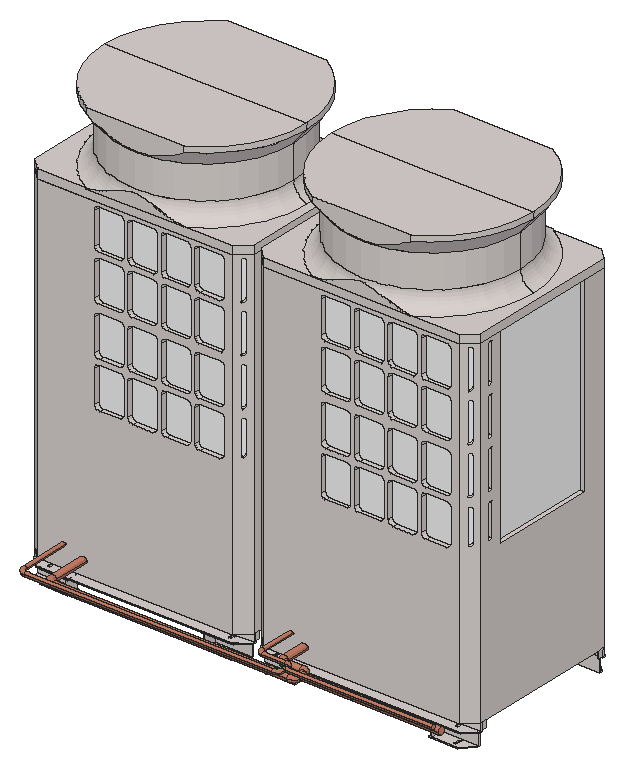
Revit family "PUHY-P550YSNW-A1", category Mechanical Equipment, Revit 2016
Family settings
  Part Type = Normal
  Round Connector Dimension = Use Radius
  OmniClass Number = 23.75.00.00
  OmniClass Title = Climate Control (HVAC)
  Work Plane-Based = No
  Always vertical = Yes
  Cut with Voids When Loaded = No
  Shared = No
  Room Calculation Point = No
Parameters (values of type "PUHY-P550YSNW-A1_400V_50Hz")
  Model = "PUHY-P550YSNW-A1"
  Width = 1870 mm
  WarrantyStart = ""
  Voltage = 400 V
  Unit Weight (kg) = 439
  URL = "http://www.mitsubishielectric.com/"
  Temp. range of heating (Outdoor temp.) (W.B.) = "-20.0 to 15.5"
  Temp. range of heating (Indoor temp.) (D.B.) = "15.0 to 27.0"
  Temp. range of cooling (Outdoor temp.) (D.B.) = "-5.0 to 52.0"
  Temp. range of cooling (Indoor temp.) (W.B.) = "15.0 to 24.0"
  TagNumber = 0
  Subcategory = "HVAC"
  Space View = yes
  Sound Pressure Level (dB(A)) Heating mode = 66
  Sound Pressure Level (dB(A)) Cooling mode = 63.5
  SerialNumber = 0
  ReplacementYear = ""
  Refrigerant type = "R410A"
  Refrigerant Charge (kg) = 13
  Protection Devices_Inverter circuit (COMP./FAN) = "Over-current protection"
  Protection Devices_High pressure (MPa) = "High pressure sensor, High pressure switch at 4.15"
  Phase = 3
  Manufacturer = "Mitsubishi Electric Corporation"
  Outdoor unit 2 Breaker size (A) = 30
  Outdoor unit 2 = PUHY-P250YNW-A1 : PUHY-P250YNW-A1
  Outdoor unit 1 Breaker size (A) = 30
  Outdoor unit 1 = PUHY-P300YNW-A1 : PUHY-P300YNW-A1
  Note_1 = "Refrigerant pipe diameters may change depending on the installation condition. Please refer to the installation manual."
  Maximum Circuit Ampacity (A) = 40.5
  Liquid pipe_radius = 7.94 mm
  InstallationDate = ""
  Indoor Unit Total Capacity = "50 to 130% of outdoor unit capacity"
  Indoor Unit Model/Quantity = "P10 to P250/2 to 50"
  Hertz = 50 Hz
  Height = 1858 mm
  Heating SCOP (kW/kW) = 4.06
  Heating Rated Load Ampacity (A) = 25.9
  Heating Power Input (kW) = 16.15
  Heating Power Input (Nominal) (kW) = 13.87
  Heating Current Input (Nominal) (A) = 22.2
  Heating Current Input (A) = 25.9
  Heating Capacity (kW) = 69
  Heating Capacity (Nominal) (kW) = 63
  Heating COP (kW/kW) = 4.27
  Heating COP (Nominal) (kW/kW) = 4.54
  Gas pipe_radius = 14.29 mm
  Fan_Type = "Propeller Fan"
  Fan_Quantity = 2
  Fan Motor Output (kW) = 1.84
  External static pressure (Pa) = 0
  External Finish = "Pre-coated galvanized steel sheets (+powder coating for -BS type) <MUNSELL 3Y 7.8/1.1 or similar>"
  Equip_description = ""
  Equip_No. = 0
  Equip_ID = ""
  Description = ""
  Depth = 740 mm
  CreatedOn = ""
  CreatedBy = ""
  Cooling SEER (kW/kW) = 6.76
  Cooling Rated Load Ampacity (A) = 27
  Cooling Power Input (kW) = 16.84
  Cooling EER (kW/kW) = 3.74
  Cooling Current Input (A) = 27
  Cooling Capacity (kW) = 63
  Compressor_Type = "Inverter scroll hermetic compressor"
  Compressor_Quantity = 2
  Compressor_Lubricant = "MEL32"
  Compressor Motor Output (kW) = 12
  Category = ""
  Barcode = ""
  AssetIdentifier = ""
  Airflow Rate (m3/min) = 425
  Airflow Rate (m3/h) = 25500
Reference planes
  plane 1 "Center (Front/Back)": y = 0
  plane 2: z = 0
  plane 3 "Center (Left/Right)": x = 0
  plane 4: y = 370
  plane 5 "front": y = -370
  plane 6: x = -935
  plane 7: x = 935
  plane 8: x = 15
  plane 9: x = -15
  plane 10: z = 1858
Forms (mm)
  Sweep 1, solid, material "Copper"
    path origin (1017.215, -4.248, 187) x (0, -1, 0) y (1, 0, 0)
      loop
        line (360, -1792.386) -> (570, -1792.386)
        arc (570, -1792.386) -> (591.213, -1783.6) -> (600, -1762.386) r 30
        line (600, -1762.386) -> (600, -725.507)
        arc (600, -725.507) -> (594.142, -711.365) -> (580, -705.507) r 20
        line (580, -705.507) -> (552.385, -705.507)
        arc (552.385, -705.507) -> (538.243, -711.365) -> (532.385, -725.507) r 20
        line (532.385, -725.507) -> (532.385, -821.501)
        arc (532.385, -821.501) -> (526.527, -835.643) -> (512.385, -841.501) r 20
        line (512.385, -841.501) -> (357.385, -841.501)
    profile origin (-775.172, -469.248, 187) x (1, 0, 0) y (0, 0, 1)
      loop
        circle (0, 0) r 7.94
  Sweep 2, solid, material "Copper"
    path origin (1039.386, -4.248, 155) x (0, -1, 0) y (1, 0, 0)
      loop
        line (360, -1733) -> (525, -1733)
        arc (525, -1733) -> (546.213, -1724.213) -> (555, -1703) r 30
        line (555, -1703) -> (555, -800.253) -> (555, -715.253)
        arc (555, -715.253) -> (549.142, -701.111) -> (535, -695.253) r 20
        line (535, -695.253) -> (510, -695.253)
        arc (510, -695.253) -> (495.858, -701.111) -> (490, -715.253) r 20
        line (490, -715.253) -> (490, -786.253)
        arc (490, -786.253) -> (484.142, -800.395) -> (470, -806.253) r 20
        line (470, -806.253) -> (360, -806.253)
    profile origin (-693.614, -446.748, 155) x (1, 0, 0) y (0, 0, 1)
      loop
        circle (0, 0) r 14.29
  Sweep 3, solid, material "Copper"
    path origin (934.386, -4.248, 187) x (0, -1, 0) y (1, 0, 0)
      loop
        line (565.96, -620) -> (565.96, 0.614)
    profile origin (624.693, -570.208, 187) x (0, 1, 0) y (0, 0, 1)
      loop
        circle (0, 0) r 7.94
  Sweep 4, solid, material "Copper"
    path origin (934.386, -4.248, 155.027) x (-1, 0, 0) y (0, -1, 0)
      loop
        line (585, 523.84) -> (0, 523.84)
    profile origin (641.886, -528.088, 155.027) x (0, 1, 0) y (0, 0, 1)
      loop
        circle (0, 0) r 14.29
Dimensions and locks
  plane 6 to plane 7 = 1870 mm
  "Liquid pipe_radius": radius of Sweep 3 sketch curve
  "Gas pipe_radius": radius of Sweep 4 sketch curve
  aligned and locked: level to plane 2
Automatic sketch dimensions
  Sweep 1 sketch curve to plane 5 "front" = 8.366 mm
  Sweep 1 sketch curve to plane 5 "front" = 5.752 mm
  plane 5 "front" to Sweep 1 sketch curve = 146.634 mm
  Sweep 1 sketch curve to Sweep 1 sketch curve = 20 mm  (x2)
  plane 5 "front" to Sweep 1 sketch curve = 204.248 mm
  Sweep 1 sketch curve to Sweep 1 sketch curve = 27.615 mm
  Sweep 1 sketch curve to Sweep 1 sketch curve = 30 mm
  plane 6 to Sweep 1 sketch curve = 159.828 mm
  plane 3 "Center (Left/Right)" to Sweep 1 sketch curve = 175.714 mm
  Sweep 1 sketch curve to Sweep 1 sketch curve = 95.994 mm
  profile plane to Sweep 1 sketch curve = 0 mm
  Sweep 1 sketch curve to profile plane = 0 mm
  Sweep 2 sketch curve to plane 5 "front" = 5.752 mm  (x2)
  plane 5 "front" to Sweep 2 sketch curve = 104.248 mm
  Sweep 2 sketch curve to Sweep 2 sketch curve = 20 mm  (x3)
  plane 5 "front" to Sweep 2 sketch curve = 159.248 mm
  Sweep 2 sketch curve to Sweep 2 sketch curve = 25 mm
  plane 6 to Sweep 2 sketch curve = 241.386 mm
  plane 3 "Center (Left/Right)" to Sweep 2 sketch curve = 239.134 mm
  Sweep 2 sketch curve to Sweep 2 sketch curve = 6 mm
  Sweep 2 sketch curve to Sweep 2 sketch curve = 71 mm
  profile plane to Sweep 2 sketch curve = 0 mm
  Sweep 2 sketch curve to profile plane = 0 mm
  Sweep 3 sketch curve to plane 7 = 0 mm
  plane 5 "front" to Sweep 3 sketch curve = 200.208 mm
  plane 8 to Sweep 3 sketch curve = 299.386 mm
  Sweep 4 sketch curve to plane 7 = 0.614 mm
  plane 5 "front" to Sweep 4 sketch curve = 158.088 mm
  plane 8 to Sweep 4 sketch curve = 334.386 mm
  Sweep 3 sketch curve to profile plane = 0 mm  (x2)
  Sweep 4 sketch curve to profile plane = 0 mm  (x2)
  radius of Sweep 1 sketch curve = 7.94 mm
  radius of Sweep 2 sketch curve = 14.29 mm
Nested families
  nested 1: "PUHY-P300YNW-A1" at (-475, 0, 0), type <- "Outdoor unit 1", type "PUHY-P300YNW-A1"
  nested 2: "PUHY-P250YNW-A1" at (475, 0, 0), type <- "Outdoor unit 2", type "PUHY-P250YNW-A1"
Connectors
  piping at (934.386, -528.088, 155.027), diameter 28.58, driven by "Gas pipe_radius"
    settings: on Sweep 4, index 1, connector inside diameter 28.58 mm, connector length 0 mm, flow factor 0, pipe flow 0.0 L/s, pressure drop 0.0 Pa, fitting loss kfactor 0, connector angle 0.00°, fixture units 0, engagement length 0 mm, angle of deflection 0.00°, flow configuration 0, flow direction 0, fitting loss method 0, system type 22, joint type 0, gender type 0, connector reference index -1, connector utility 0, adjustable connector no, is connector primary yes, connector description "Indoor unit-Twinning pipe(Gas)"
  piping at (935, -570.208, 187), diameter 15.88, driven by "Liquid pipe_radius"
    settings: on Sweep 3, index 2, connector inside diameter 15.88 mm, connector length 0 mm, flow factor 0, pipe flow 0.0 L/s, pressure drop 0.0 Pa, fitting loss kfactor 0, connector angle 0.00°, fixture units 0, engagement length 0 mm, angle of deflection 0.00°, flow configuration 0, flow direction 0, fitting loss method 0, system type 22, joint type 0, gender type 0, connector reference index -1, connector utility 0, adjustable connector no, is connector primary no, connector description "Indoor unit-Twinning pipe(Liquid)"
  electrical at (319, -370, 280), driven by "Phase", driven by "Voltage"
    settings: index 4, voltage 400 V, apparent load 0 VA, apparent load phase1 0 VA, apparent load phase2 0 VA, apparent load phase3 0 VA, power factor 1, load classification "HVAC", number of poles 3, system type 30, power factor state 1, is connector primary yes, connector utility no, sub classification motor no, connector description ""
  electrical at (-633, -370, 280), driven by "Phase", driven by "Voltage"
    settings: index 5, voltage 400 V, apparent load 0 VA, apparent load phase1 0 VA, apparent load phase2 0 VA, apparent load phase3 0 VA, power factor 1, load classification "HVAC", number of poles 3, system type 30, power factor state 1, is connector primary no, connector utility no, sub classification motor no, connector description ""
Definition of nested family "PUHY-P300YNW-A1"
  Parameters
    Model = "PUHY-P200YNW-A"
    URL = "http://www.mitsubishielectric.com/"
    Manufacturer = "Mitsubishi Electric Corporation"
    Liquid pipe_radius = 4.76 mm
    Gas pipe_radius = 11.1 mm
  Reference planes
    plane 1 "Center (Front/Back)": y = 0
    plane 2: z = 0
    plane 3 "Center (Left/Right)": x = 0
    plane 4 "11": through (-415, 370, 1200) normal (0.7071, -0.7071, 0)
    plane 5 "22": through (-415, -370, 1200) normal (-0.7071, -0.7071, 0)
    plane 6 "44": through (460, 325, 1200) normal (-0.7071, -0.7071, 0)
    plane 7 "33": through (460, -325, 1200) normal (0.7071, -0.7071, 0)
    plane 8: z = 754.5
    plane 9: z = 909.5
    plane 10: x = -300
    plane 11: x = -217
    plane 12: y = 370
    plane 13: y = -370
    plane 14: x = -460
    plane 15: x = 460
  Forms (mm)
    Extrusion 1, solid
      sketch origin (0, 0, 113) x (-1, 0, 0) y (0, -1, 0)
        loop
          line (410, -370) -> (460, -320) -> (460, 320) -> (410, 370) -> (-410, 370) -> (-460, 320) -> (-460, -320) -> (-410, -370) -> (410, -370)
      from -18 to 1408
    Extrusion 2, void
      sketch origin (410, -370, 113) x (1, 0, 0) y (0, 0, -1)
        loop
          arc (-55, -1393.5) -> (-40.858, -1387.642) -> (-35, -1373.5) r 20
          line (-35, -1373.5) -> (-35, -1238.676)
          arc (-35, -1238.676) -> (-40.858, -1224.534) -> (-55, -1218.676) r 20
          line (-55, -1218.676) -> (-139.8, -1218.676)
          arc (-139.8, -1218.676) -> (-153.942, -1224.534) -> (-159.8, -1238.676) r 20
          line (-159.8, -1238.676) -> (-159.8, -1373.5)
          arc (-159.8, -1373.5) -> (-153.942, -1387.642) -> (-139.8, -1393.5) r 20
          line (-139.8, -1393.5) -> (-55, -1393.5)
      from 0 to 20
    Extrusion 3, void
      sketch origin (270, -370, 113) x (1, 0, 0) y (0, 0, -1)
        loop
          arc (-55, -1393.5) -> (-40.858, -1387.642) -> (-35, -1373.5) r 20
          line (-35, -1373.5) -> (-35, -1238.676)
          arc (-35, -1238.676) -> (-40.858, -1224.534) -> (-55, -1218.676) r 20
          line (-55, -1218.676) -> (-139.8, -1218.676)
          arc (-139.8, -1218.676) -> (-153.942, -1224.534) -> (-159.8, -1238.676) r 20
          line (-159.8, -1238.676) -> (-159.8, -1373.5)
          arc (-159.8, -1373.5) -> (-153.942, -1387.642) -> (-139.8, -1393.5) r 20
          line (-139.8, -1393.5) -> (-55, -1393.5)
      from 0 to 20
    Extrusion 4, void
      sketch origin (130, -370, 113) x (1, 0, 0) y (0, 0, -1)
        loop
          arc (-55, -1393.5) -> (-40.858, -1387.642) -> (-35, -1373.5) r 20
          line (-35, -1373.5) -> (-35, -1238.676)
          arc (-35, -1238.676) -> (-40.858, -1224.534) -> (-55, -1218.676) r 20
          line (-55, -1218.676) -> (-139.8, -1218.676)
          arc (-139.8, -1218.676) -> (-153.942, -1224.534) -> (-159.8, -1238.676) r 20
          line (-159.8, -1238.676) -> (-159.8, -1373.5)
          arc (-159.8, -1373.5) -> (-153.942, -1387.642) -> (-139.8, -1393.5) r 20
          line (-139.8, -1393.5) -> (-55, -1393.5)
      from 0 to 20
    Extrusion 5, void
      sketch origin (-10, -370, 113) x (1, 0, 0) y (0, 0, -1)
        loop
          arc (-55, -1393.5) -> (-40.858, -1387.642) -> (-35, -1373.5) r 20
          line (-35, -1373.5) -> (-35, -1238.676)
          arc (-35, -1238.676) -> (-40.858, -1224.534) -> (-55, -1218.676) r 20
          line (-55, -1218.676) -> (-139.8, -1218.676)
          arc (-139.8, -1218.676) -> (-153.942, -1224.534) -> (-159.8, -1238.676) r 20
          line (-159.8, -1238.676) -> (-159.8, -1373.5)
          arc (-159.8, -1373.5) -> (-153.942, -1387.642) -> (-139.8, -1393.5) r 20
          line (-139.8, -1393.5) -> (-55, -1393.5)
      from 0 to 20
    Extrusion 6, void
      sketch origin (410, -370, -81) x (1, 0, 0) y (0, 0, -1)
        loop
          arc (-55, -1393.5) -> (-40.858, -1387.642) -> (-35, -1373.5) r 20
          line (-35, -1373.5) -> (-35, -1238.676)
          arc (-35, -1238.676) -> (-40.858, -1224.534) -> (-55, -1218.676) r 20
          line (-55, -1218.676) -> (-139.8, -1218.676)
          arc (-139.8, -1218.676) -> (-153.942, -1224.534) -> (-159.8, -1238.676) r 20
          line (-159.8, -1238.676) -> (-159.8, -1373.5)
          arc (-159.8, -1373.5) -> (-153.942, -1387.642) -> (-139.8, -1393.5) r 20
          line (-139.8, -1393.5) -> (-55, -1393.5)
      from 0 to 20
    Extrusion 7, void
      sketch origin (270, -370, -81) x (1, 0, 0) y (0, 0, -1)
        loop
          arc (-55, -1393.5) -> (-40.858, -1387.642) -> (-35, -1373.5) r 20
          line (-35, -1373.5) -> (-35, -1238.676)
          arc (-35, -1238.676) -> (-40.858, -1224.534) -> (-55, -1218.676) r 20
          line (-55, -1218.676) -> (-139.8, -1218.676)
          arc (-139.8, -1218.676) -> (-153.942, -1224.534) -> (-159.8, -1238.676) r 20
          line (-159.8, -1238.676) -> (-159.8, -1373.5)
          arc (-159.8, -1373.5) -> (-153.942, -1387.642) -> (-139.8, -1393.5) r 20
          line (-139.8, -1393.5) -> (-55, -1393.5)
      from 0 to 20
    Extrusion 8, void
      sketch origin (130, -370, -81) x (1, 0, 0) y (0, 0, -1)
        loop
          arc (-55, -1393.5) -> (-40.858, -1387.642) -> (-35, -1373.5) r 20
          line (-35, -1373.5) -> (-35, -1238.676)
          arc (-35, -1238.676) -> (-40.858, -1224.534) -> (-55, -1218.676) r 20
          line (-55, -1218.676) -> (-139.8, -1218.676)
          arc (-139.8, -1218.676) -> (-153.942, -1224.534) -> (-159.8, -1238.676) r 20
          line (-159.8, -1238.676) -> (-159.8, -1373.5)
          arc (-159.8, -1373.5) -> (-153.942, -1387.642) -> (-139.8, -1393.5) r 20
          line (-139.8, -1393.5) -> (-55, -1393.5)
      from 0 to 20
    Extrusion 9, void
      sketch origin (-10, -370, -81) x (1, 0, 0) y (0, 0, -1)
        loop
          arc (-55, -1393.5) -> (-40.858, -1387.642) -> (-35, -1373.5) r 20
          line (-35, -1373.5) -> (-35, -1238.676)
          arc (-35, -1238.676) -> (-40.858, -1224.534) -> (-55, -1218.676) r 20
          line (-55, -1218.676) -> (-139.8, -1218.676)
          arc (-139.8, -1218.676) -> (-153.942, -1224.534) -> (-159.8, -1238.676) r 20
          line (-159.8, -1238.676) -> (-159.8, -1373.5)
          arc (-159.8, -1373.5) -> (-153.942, -1387.642) -> (-139.8, -1393.5) r 20
          line (-139.8, -1393.5) -> (-55, -1393.5)
      from 0 to 20
    Extrusion 10, void
      sketch origin (410, -370, -287) x (1, 0, 0) y (0, 0, -1)
        loop
          arc (-55, -1393.5) -> (-40.858, -1387.642) -> (-35, -1373.5) r 20
          line (-35, -1373.5) -> (-35, -1238.676)
          arc (-35, -1238.676) -> (-40.858, -1224.534) -> (-55, -1218.676) r 20
          line (-55, -1218.676) -> (-139.8, -1218.676)
          arc (-139.8, -1218.676) -> (-153.942, -1224.534) -> (-159.8, -1238.676) r 20
          line (-159.8, -1238.676) -> (-159.8, -1373.5)
          arc (-159.8, -1373.5) -> (-153.942, -1387.642) -> (-139.8, -1393.5) r 20
          line (-139.8, -1393.5) -> (-55, -1393.5)
      from 0 to 20
    Extrusion 11, void
      sketch origin (270, -370, -287) x (1, 0, 0) y (0, 0, -1)
        loop
          arc (-55, -1393.5) -> (-40.858, -1387.642) -> (-35, -1373.5) r 20
          line (-35, -1373.5) -> (-35, -1238.676)
          arc (-35, -1238.676) -> (-40.858, -1224.534) -> (-55, -1218.676) r 20
          line (-55, -1218.676) -> (-139.8, -1218.676)
          arc (-139.8, -1218.676) -> (-153.942, -1224.534) -> (-159.8, -1238.676) r 20
          line (-159.8, -1238.676) -> (-159.8, -1373.5)
          arc (-159.8, -1373.5) -> (-153.942, -1387.642) -> (-139.8, -1393.5) r 20
          line (-139.8, -1393.5) -> (-55, -1393.5)
      from 0 to 20
    Extrusion 12, void
      sketch origin (130, -370, -287) x (1, 0, 0) y (0, 0, -1)
        loop
          arc (-55, -1393.5) -> (-40.858, -1387.642) -> (-35, -1373.5) r 20
          line (-35, -1373.5) -> (-35, -1238.676)
          arc (-35, -1238.676) -> (-40.858, -1224.534) -> (-55, -1218.676) r 20
          line (-55, -1218.676) -> (-139.8, -1218.676)
          arc (-139.8, -1218.676) -> (-153.942, -1224.534) -> (-159.8, -1238.676) r 20
          line (-159.8, -1238.676) -> (-159.8, -1373.5)
          arc (-159.8, -1373.5) -> (-153.942, -1387.642) -> (-139.8, -1393.5) r 20
          line (-139.8, -1393.5) -> (-55, -1393.5)
      from 0 to 20
    Extrusion 13, void
      sketch origin (-10, -370, -287) x (1, 0, 0) y (0, 0, -1)
        loop
          arc (-55, -1393.5) -> (-40.858, -1387.642) -> (-35, -1373.5) r 20
          line (-35, -1373.5) -> (-35, -1238.676)
          arc (-35, -1238.676) -> (-40.858, -1224.534) -> (-55, -1218.676) r 20
          line (-55, -1218.676) -> (-139.8, -1218.676)
          arc (-139.8, -1218.676) -> (-153.942, -1224.534) -> (-159.8, -1238.676) r 20
          line (-159.8, -1238.676) -> (-159.8, -1373.5)
          arc (-159.8, -1373.5) -> (-153.942, -1387.642) -> (-139.8, -1393.5) r 20
          line (-139.8, -1393.5) -> (-55, -1393.5)
      from 0 to 20
    Extrusion 14, void
      sketch origin (410, -370, -481) x (1, 0, 0) y (0, 0, -1)
        loop
          arc (-55, -1393.5) -> (-40.858, -1387.642) -> (-35, -1373.5) r 20
          line (-35, -1373.5) -> (-35, -1238.676)
          arc (-35, -1238.676) -> (-40.858, -1224.534) -> (-55, -1218.676) r 20
          line (-55, -1218.676) -> (-139.8, -1218.676)
          arc (-139.8, -1218.676) -> (-153.942, -1224.534) -> (-159.8, -1238.676) r 20
          line (-159.8, -1238.676) -> (-159.8, -1373.5)
          arc (-159.8, -1373.5) -> (-153.942, -1387.642) -> (-139.8, -1393.5) r 20
          line (-139.8, -1393.5) -> (-55, -1393.5)
      from 0 to 20
    Extrusion 15, void
      sketch origin (270, -370, -481) x (1, 0, 0) y (0, 0, -1)
        loop
          arc (-55, -1393.5) -> (-40.858, -1387.642) -> (-35, -1373.5) r 20
          line (-35, -1373.5) -> (-35, -1238.676)
          arc (-35, -1238.676) -> (-40.858, -1224.534) -> (-55, -1218.676) r 20
          line (-55, -1218.676) -> (-139.8, -1218.676)
          arc (-139.8, -1218.676) -> (-153.942, -1224.534) -> (-159.8, -1238.676) r 20
          line (-159.8, -1238.676) -> (-159.8, -1373.5)
          arc (-159.8, -1373.5) -> (-153.942, -1387.642) -> (-139.8, -1393.5) r 20
          line (-139.8, -1393.5) -> (-55, -1393.5)
      from 0 to 20
    Extrusion 16, void
      sketch origin (130, -370, -481) x (1, 0, 0) y (0, 0, -1)
        loop
          arc (-55, -1393.5) -> (-40.858, -1387.642) -> (-35, -1373.5) r 20
          line (-35, -1373.5) -> (-35, -1238.676)
          arc (-35, -1238.676) -> (-40.858, -1224.534) -> (-55, -1218.676) r 20
          line (-55, -1218.676) -> (-139.8, -1218.676)
          arc (-139.8, -1218.676) -> (-153.942, -1224.534) -> (-159.8, -1238.676) r 20
          line (-159.8, -1238.676) -> (-159.8, -1373.5)
          arc (-159.8, -1373.5) -> (-153.942, -1387.642) -> (-139.8, -1393.5) r 20
          line (-139.8, -1393.5) -> (-55, -1393.5)
      from 0 to 20
    Extrusion 17, void
      sketch origin (-10, -370, -481) x (1, 0, 0) y (0, 0, -1)
        loop
          arc (-55, -1393.5) -> (-40.858, -1387.642) -> (-35, -1373.5) r 20
          line (-35, -1373.5) -> (-35, -1238.676)
          arc (-35, -1238.676) -> (-40.858, -1224.534) -> (-55, -1218.676) r 20
          line (-55, -1218.676) -> (-139.8, -1218.676)
          arc (-139.8, -1218.676) -> (-153.942, -1224.534) -> (-159.8, -1238.676) r 20
          line (-159.8, -1238.676) -> (-159.8, -1373.5)
          arc (-159.8, -1373.5) -> (-153.942, -1387.642) -> (-139.8, -1393.5) r 20
          line (-139.8, -1393.5) -> (-55, -1393.5)
      from 0 to 20
    Extrusion 18, solid
      sketch origin (0, -189, -3) x (0, 0, -1) y (-1, 0, 0)
        loop
          circle (-179, 217) r 11.1
      from 0 to 150
    Extrusion 19, solid
      sketch origin (0, -172, -3) x (0, 0, -1) y (-1, 0, 0)
        loop
          circle (-179, 300) r 4.76
      from 0 to 150
    Extrusion 20, void
      sketch origin (-460, -320, 113) x (0, -1, 0) y (0, 0, -1)
        loop
          line (-611.5, -1236.511) -> (-611.5, -1386.5)
          arc (-611.5, -1386.5) -> (-601.5, -1396.5) -> (-591.5, -1386.5) r 10
          line (-591.5, -1386.5) -> (-591.5, -1236.511)
          arc (-591.5, -1236.511) -> (-601.5, -1226.511) -> (-611.5, -1236.511) r 10
      from 0 to 20
    Extrusion 21, void
      sketch origin (-460, -320, -87.006) x (0, -1, 0) y (0, 0, -1)
        loop
          line (-611.5, -1236.511) -> (-611.5, -1386.5)
          arc (-611.5, -1386.5) -> (-601.5, -1396.5) -> (-591.5, -1386.5) r 10
          line (-591.5, -1386.5) -> (-591.5, -1236.511)
          arc (-591.5, -1236.511) -> (-601.5, -1226.511) -> (-611.5, -1236.511) r 10
      from 0 to 20
    Extrusion 22, void
      sketch origin (-460, -320, -287.006) x (0, -1, 0) y (0, 0, -1)
        loop
          line (-611.5, -1236.511) -> (-611.5, -1386.5)
          arc (-611.5, -1386.5) -> (-601.5, -1396.5) -> (-591.5, -1386.5) r 10
          line (-591.5, -1386.5) -> (-591.5, -1236.511)
          arc (-591.5, -1236.511) -> (-601.5, -1226.511) -> (-611.5, -1236.511) r 10
      from 0 to 20
    Extrusion 23, void
      sketch origin (-460, -320, -479.506) x (0, -1, 0) y (0, 0, -1)
        loop
          line (-611.5, -1244.006) -> (-611.5, -1379.006)
          arc (-611.5, -1379.006) -> (-601.5, -1389.006) -> (-591.5, -1379.006) r 10
          line (-591.5, -1379.006) -> (-591.5, -1244.006)
          arc (-591.5, -1244.006) -> (-601.5, -1234.006) -> (-611.5, -1244.006) r 10
      from 0 to 20
    Extrusion 24, void
      sketch origin (-460, -320, 113) x (0, -1, 0) y (0, 0, -1)
        loop
          line (-543, -1408) -> (-215, -1408) -> (-215, -632) -> (-543, -632) -> (-543, -1408)
      from 0 to 20
    Extrusion 25, void
      sketch origin (-410, 370, 113) x (0.707107, 0.707107, 0) y (0, 0, 1)
        loop
          line (-27.158, 1236.539) -> (-27.158, 1386.461)
          arc (-27.158, 1386.461) -> (-37.158, 1396.461) -> (-47.158, 1386.461) r 10
          line (-47.158, 1386.461) -> (-47.158, 1236.539)
          arc (-47.158, 1236.539) -> (-37.158, 1226.539) -> (-27.158, 1236.539) r 10
        loop
          line (-27.158, 1036.539) -> (-27.158, 1186.461)
          arc (-27.158, 1186.461) -> (-37.158, 1196.461) -> (-47.158, 1186.461) r 10
          line (-47.158, 1186.461) -> (-47.158, 1036.539)
          arc (-47.158, 1036.539) -> (-37.158, 1026.539) -> (-27.158, 1036.539) r 10
        loop
          line (-27.158, 836.539) -> (-27.158, 986.461)
          arc (-27.158, 986.461) -> (-37.158, 996.461) -> (-47.158, 986.461) r 10
          line (-47.158, 986.461) -> (-47.158, 836.539)
          arc (-47.158, 836.539) -> (-37.158, 826.539) -> (-27.158, 836.539) r 10
        loop
          line (-27.158, 652.5) -> (-27.158, 785.5)
          arc (-27.158, 785.5) -> (-37.158, 795.5) -> (-47.158, 785.5) r 10
          line (-47.158, 785.5) -> (-47.158, 652.5)
          arc (-47.158, 652.5) -> (-37.158, 642.5) -> (-27.158, 652.5) r 10
      from 0 to 20
    Extrusion 26, void
      sketch origin (460, -320, 113) x (0.707107, 0.707107, 0) y (0, 0, -1)
        loop
          arc (-25.5, -1236.423) -> (-35.5, -1226.423) -> (-45.5, -1236.423) r 10
          line (-45.5, -1236.423) -> (-45.5, -1386.487)
          arc (-45.5, -1386.487) -> (-35.5, -1396.487) -> (-25.5, -1386.487) r 10
          line (-25.5, -1386.487) -> (-25.5, -1236.423)
      from 0 to 20
    Extrusion 27, void
      sketch origin (460, -320, -86.884) x (0.707107, 0.707107, 0) y (0, 0, -1)
        loop
          arc (-25.5, -1236.423) -> (-35.5, -1226.423) -> (-45.5, -1236.423) r 10
          line (-45.5, -1236.423) -> (-45.5, -1386.487)
          arc (-45.5, -1386.487) -> (-35.5, -1396.487) -> (-25.5, -1386.487) r 10
          line (-25.5, -1386.487) -> (-25.5, -1236.423)
      from 0 to 20
    Extrusion 28, void
      sketch origin (460, -320, -286.884) x (0.707107, 0.707107, 0) y (0, 0, -1)
        loop
          arc (-25.5, -1236.423) -> (-35.5, -1226.423) -> (-45.5, -1236.423) r 10
          line (-45.5, -1236.423) -> (-45.5, -1386.487)
          arc (-45.5, -1386.487) -> (-35.5, -1396.487) -> (-25.5, -1386.487) r 10
          line (-25.5, -1386.487) -> (-25.5, -1236.423)
      from 0 to 20
    Extrusion 29, void
      sketch origin (460, -320, -487.987) x (0.707107, 0.707107, 0) y (0, 0, -1)
        loop
          arc (-25.5, -1253.487) -> (-35.5, -1243.487) -> (-45.5, -1253.487) r 10
          line (-45.5, -1253.487) -> (-45.5, -1386.487)
          arc (-45.5, -1386.487) -> (-35.5, -1396.487) -> (-25.5, -1386.487) r 10
          line (-25.5, -1386.487) -> (-25.5, -1253.487)
      from 0 to 20
    Extrusion 30, void
      sketch origin (460, 320, 113) x (0, 1, 0) y (0, 0, -1)
        loop
          line (-604, -1236.423) -> (-604, -1386.487)
          arc (-604, -1386.487) -> (-594, -1396.487) -> (-584, -1386.487) r 10
          line (-584, -1386.487) -> (-584, -1236.423)
          arc (-584, -1236.423) -> (-594, -1226.423) -> (-604, -1236.423) r 10
        loop
          line (-604, -1036.539) -> (-604, -1186.603)
          arc (-604, -1186.603) -> (-594, -1196.603) -> (-584, -1186.603) r 10
          line (-584, -1186.603) -> (-584, -1036.539)
          arc (-584, -1036.539) -> (-594, -1026.539) -> (-604, -1036.539) r 10
        loop
          line (-604, -836.539) -> (-604, -986.603)
          arc (-604, -986.603) -> (-594, -996.603) -> (-584, -986.603) r 10
          line (-584, -986.603) -> (-584, -836.539)
          arc (-584, -836.539) -> (-594, -826.539) -> (-604, -836.539) r 10
        loop
          line (-604, -652.5) -> (-604, -785.5)
          arc (-604, -785.5) -> (-594, -795.5) -> (-584, -785.5) r 10
          line (-584, -785.5) -> (-584, -652.5)
          arc (-584, -652.5) -> (-594, -642.5) -> (-604, -652.5) r 10
      from 0 to 20
    Extrusion 31, void
      sketch origin (460, 320, 113) x (0, 1, 0) y (0, 0, -1)
        loop
          line (-542, -1408) -> (-100, -1408) -> (-100, -611.5) -> (-542, -611.5) -> (-542, -1408)
      from 0 to 20
    Extrusion 32, void
      sketch origin (-410, 370, 113) x (-1, 0, 0) y (0, 0, -1)
        loop
          line (-718, -1408) -> (-47, -1408) -> (-47, -613) -> (-718, -613) -> (-718, -1408)
      from 0 to 20
  Cuts and joins
    Extrusion 2, Extrusion 3, Extrusion 4, Extrusion 5, Extrusion 6, Extrusion 7, Extrusion 8, Extrusion 9, Extrusion 10, Extrusion 11, Extrusion 12, Extrusion 13, Extrusion 14, Extrusion 15, Extrusion 16, Extrusion 17, Extrusion 20, Extrusion 21, Extrusion 22, Extrusion 23, Extrusion 24, Extrusion 25, Extrusion 26, Extrusion 27, Extrusion 28, Extrusion 29, Extrusion 30, Extrusion 31, Extrusion 32 cuts Extrusion 1
  Lines and regions (mm)
    model lines
      curve 1: line (-390, -370, 716) -> (390, -370, 716)
      curve 2: line (-390, -370, 1521) -> (-390, -370, 95)
      curve 3: line (390, -370, 1521) -> (390, -370, 95)
      curve 4: line (-172, -370, 95) -> (-172, -370, 207.5)
      curve 5: line (390, -370, 224.5) -> (199, -370, 224.5)
      curve 6: line (172, -370, 197.5) -> (172, -370, 95)
      curve 7: arc (-189, -370, 224.5) -> (-176.979, -370, 219.521) -> (-172, -370, 207.5) r 17
      curve 8: arc (199, -370, 224.5) -> (179.908, -370, 216.592) -> (172, -370, 197.5) r 27
      curve 9: line (-192, -291, 95) -> (-322, -291, 95)
      curve 10: line (-182, -207, 95) -> (-182, -281, 95)
      curve 11: line (-322, -197, 95) -> (-192, -197, 95)
      curve 12: line (-332, -281, 95) -> (-332, -207, 95)
      curve 13: arc (-332, -281, 95) -> (-329.071, -288.071, 95) -> (-322, -291, 95) r 10
      curve 14: arc (-192, -291, 95) -> (-184.929, -288.071, 95) -> (-182, -281, 95) r 10
      curve 15: arc (-182, -207, 95) -> (-184.929, -199.929, 95) -> (-192, -197, 95) r 10
      curve 16: arc (-322, -197, 95) -> (-329.071, -199.929, 95) -> (-332, -207, 95) r 10
      curve 25: line (-219, -370, 1521) -> (-219, -370, 716)
      curve 26: line (-189, -370, 224.5) -> (-390, -370, 224.5)
      curve 27: circle (308, -185, 95) r 26 normal (0, 0, 1)
      curve 28: circle (288, -260, 95) r 32.5 normal (0, 0, 1)
      curve 29: circle (244, -204, 95) r 17 normal (0, 0, 1)
      curve 30: line (-460, 243, 1521) -> (-460, 243, 95)
      curve 32: line (-460, 243, 705) -> (-460, -155, 705)
      curve 33: line (-460, -155, 95) -> (-460, -155, 1521)
      curve 34: line (-460, 223, 1521) -> (-460, 223, 705)
      curve 35: line (-460, -105, 1521) -> (-460, -105, 705)
      curve 36: line (-460, -95.983, 267.745) -> (-460, 184, 267.745)
      curve 37: line (-460, 184, 247.745) -> (-460, -95.983, 247.745)
      curve 38: arc (-460, -95.983, 247.745) -> (-460, -105.983, 257.745) -> (-460, -95.983, 267.745) r 10
      curve 39: arc (-460, 184, 267.745) -> (-460, 194, 257.745) -> (-460, 184, 247.745) r 10
      curve 40: line (-460, -95.983, 372.745) -> (-460, 184, 372.745)
      curve 41: line (-460, 184, 352.745) -> (-460, -95.983, 352.745)
      curve 42: arc (-460, -95.983, 352.745) -> (-460, -105.983, 362.745) -> (-460, -95.983, 372.745) r 10
      curve 43: arc (-460, 184, 372.745) -> (-460, 194, 362.745) -> (-460, 184, 352.745) r 10
      curve 44: line (-460, -95.983, 477.745) -> (-460, 184, 477.745)
      curve 45: line (-460, 184, 457.745) -> (-460, -95.983, 457.745)
      curve 46: arc (-460, -95.983, 457.745) -> (-460, -105.983, 467.745) -> (-460, -95.983, 477.745) r 10
      curve 47: arc (-460, 184, 477.745) -> (-460, 194, 467.745) -> (-460, 184, 457.745) r 10
      curve 48: line (-460, -95.983, 582.745) -> (-460, 184, 582.745)
      curve 49: line (-460, 184, 562.745) -> (-460, -95.983, 562.745)
      curve 50: arc (-460, -95.983, 562.745) -> (-460, -105.983, 572.745) -> (-460, -95.983, 582.745) r 10
      curve 51: arc (-460, 184, 582.745) -> (-460, 194, 572.745) -> (-460, 184, 562.745) r 10
      curve 52: line (-110, -370, 269) -> (110, -370, 269)
      curve 53: line (110, -370, 249) -> (-110, -370, 249)
      curve 54: arc (-120, -370, 259) -> (-117.071, -370, 266.071) -> (-110, -370, 269) r 10
      curve 55: arc (-110, -370, 249) -> (-117.071, -370, 251.929) -> (-120, -370, 259) r 10
      curve 56: arc (110, -370, 269) -> (117.071, -370, 266.071) -> (120, -370, 259) r 10
      curve 57: arc (120, -370, 259) -> (117.071, -370, 251.929) -> (110, -370, 249) r 10
      curve 58: line (-222.5, -370, 584) -> (222.5, -370, 584)
      curve 59: line (222.5, -370, 564) -> (-222.5, -370, 564)
      curve 60: arc (-222.5, -370, 584) -> (-229.571, -370, 581.071) -> (-232.5, -370, 574) r 10
      curve 61: arc (222.5, -370, 584) -> (229.571, -370, 581.071) -> (232.5, -370, 574) r 10
      curve 62: arc (232.5, -370, 574) -> (229.571, -370, 566.929) -> (222.5, -370, 564) r 10
      curve 63: arc (-222.5, -370, 564) -> (-229.571, -370, 566.929) -> (-232.5, -370, 574) r 10
      curve 64: line (-222.5, -370, 479) -> (222.5, -370, 479)
      curve 65: line (222.5, -370, 459) -> (-222.5, -370, 459)
      curve 66: arc (-222.5, -370, 479) -> (-229.571, -370, 476.071) -> (-232.5, -370, 469) r 10
      curve 67: arc (222.5, -370, 479) -> (229.571, -370, 476.071) -> (232.5, -370, 469) r 10
      curve 68: arc (232.5, -370, 469) -> (229.571, -370, 461.929) -> (222.5, -370, 459) r 10
      curve 69: arc (-222.5, -370, 459) -> (-229.571, -370, 461.929) -> (-232.5, -370, 469) r 10
      curve 70: line (-222.5, -370, 374) -> (222.5, -370, 374)
      curve 71: line (222.5, -370, 354) -> (-222.5, -370, 354)
      curve 72: arc (-222.5, -370, 374) -> (-229.571, -370, 371.071) -> (-232.5, -370, 364) r 10
      curve 73: arc (222.5, -370, 374) -> (229.571, -370, 371.071) -> (232.5, -370, 364) r 10
      curve 74: arc (232.5, -370, 364) -> (229.571, -370, 356.929) -> (222.5, -370, 354) r 10
      curve 75: arc (-222.5, -370, 354) -> (-229.571, -370, 356.929) -> (-232.5, -370, 364) r 10
      curve 76: line (460, -237.5, 1521) -> (460, -237.5, 95)
      curve 77: line (460, -237.5, 705) -> (460, 236.5, 705)
      curve 78: line (460, -237.5, 724.5) -> (460, 236.5, 724.5)
      curve 79: line (460, 236.5, 1521) -> (460, 236.5, 95)
      curve 80: line (327.5, 370, 1521) -> (327.5, 370, 95)
      curve 81: line (308, 370, 1521) -> (308, 370, 706)
      curve 82: line (327.5, 370, 706) -> (-382.5, 370, 706)
      curve 83: line (-382.5, 370, 1521) -> (-382.5, 370, 95)
      curve 84: line (-363, 370, 1521) -> (-363, 370, 706)
      curve 85: line (460, -140.491, 267.745) -> (460, 139.491, 267.745)
      curve 86: line (460, 139.491, 247.745) -> (460, -140.491, 247.745)
      curve 87: arc (460, -140.491, 247.745) -> (460, -150.491, 257.745) -> (460, -140.491, 267.745) r 10
      curve 88: arc (460, 139.491, 267.745) -> (460, 149.491, 257.745) -> (460, 139.491, 247.745) r 10
      curve 89: line (460, -140.491, 372.745) -> (460, 139.491, 372.745)
      curve 90: line (460, 139.491, 352.745) -> (460, -140.491, 352.745)
      curve 91: arc (460, -140.491, 352.745) -> (460, -150.491, 362.745) -> (460, -140.491, 372.745) r 10
      curve 92: arc (460, 139.491, 372.745) -> (460, 149.491, 362.745) -> (460, 139.491, 352.745) r 10
      curve 93: line (460, -140.491, 477.745) -> (460, 139.491, 477.745)
      curve 94: line (460, 139.491, 457.745) -> (460, -140.491, 457.745)
      curve 95: arc (460, -140.491, 457.745) -> (460, -150.491, 467.745) -> (460, -140.491, 477.745) r 10
      curve 96: arc (460, 139.491, 477.745) -> (460, 149.491, 467.745) -> (460, 139.491, 457.745) r 10
      curve 97: line (460, -140.491, 582.745) -> (460, 139.491, 582.745)
      curve 98: line (460, 139.491, 562.745) -> (460, -140.491, 562.745)
      curve 99: arc (460, -140.491, 562.745) -> (460, -150.491, 572.745) -> (460, -140.491, 582.745) r 10
      curve 100: arc (460, 139.491, 582.745) -> (460, 149.491, 572.745) -> (460, 139.491, 562.745) r 10
      curve 101: line (-222.5, 370, 584) -> (222.5, 370, 584)
      curve 102: line (222.5, 370, 564) -> (-222.5, 370, 564)
      curve 103: arc (-222.5, 370, 584) -> (-229.571, 370, 581.071) -> (-232.5, 370, 574) r 10
      curve 104: arc (222.5, 370, 584) -> (229.571, 370, 581.071) -> (232.5, 370, 574) r 10
      curve 105: arc (232.5, 370, 574) -> (229.571, 370, 566.929) -> (222.5, 370, 564) r 10
      curve 106: arc (-222.5, 370, 564) -> (-229.571, 370, 566.929) -> (-232.5, 370, 574) r 10
      curve 107: line (-222.5, 370, 479) -> (222.5, 370, 479)
      curve 108: line (222.5, 370, 459) -> (-222.5, 370, 459)
      curve 109: arc (-222.5, 370, 479) -> (-229.571, 370, 476.071) -> (-232.5, 370, 469) r 10
      curve 110: arc (222.5, 370, 479) -> (229.571, 370, 476.071) -> (232.5, 370, 469) r 10
      curve 111: arc (232.5, 370, 469) -> (229.571, 370, 461.929) -> (222.5, 370, 459) r 10
      curve 112: arc (-222.5, 370, 459) -> (-229.571, 370, 461.929) -> (-232.5, 370, 469) r 10
      curve 113: line (-222.5, 370, 374) -> (222.5, 370, 374)
      curve 114: line (222.5, 370, 354) -> (-222.5, 370, 354)
      curve 115: arc (-222.5, 370, 374) -> (-229.571, 370, 371.071) -> (-232.5, 370, 364) r 10
      curve 116: arc (222.5, 370, 374) -> (229.571, 370, 371.071) -> (232.5, 370, 364) r 10
      curve 117: arc (232.5, 370, 364) -> (229.571, 370, 356.929) -> (222.5, 370, 354) r 10
      curve 118: arc (-222.5, 370, 354) -> (-229.571, 370, 356.929) -> (-232.5, 370, 364) r 10
      curve 119: line (-222.5, 370, 269) -> (222.5, 370, 269)
      curve 120: line (222.5, 370, 249) -> (-222.5, 370, 249)
      curve 121: arc (-222.5, 370, 269) -> (-229.571, 370, 266.071) -> (-232.5, 370, 259) r 10
      curve 122: arc (222.5, 370, 269) -> (229.571, 370, 266.071) -> (232.5, 370, 259) r 10
      curve 123: arc (232.5, 370, 259) -> (229.571, 370, 251.929) -> (222.5, 370, 249) r 10
      curve 124: arc (-222.5, 370, 249) -> (-229.571, 370, 251.929) -> (-232.5, 370, 259) r 10
      curve 125: line (-325, -370, 131) -> (-197, -370, 131)
      curve 126: line (-335, -370, 205) -> (-335, -370, 141)
      curve 127: line (-197, -370, 215) -> (-325, -370, 215)
      curve 128: line (-187, -370, 141) -> (-187, -370, 205)
      curve 129: arc (-335, -370, 205) -> (-332.071, -370, 212.071) -> (-325, -370, 215) r 10
      curve 130: arc (-197, -370, 215) -> (-189.929, -370, 212.071) -> (-187, -370, 205) r 10
      curve 131: arc (-335, -370, 141) -> (-332.071, -370, 133.929) -> (-325, -370, 131) r 10
      curve 132: arc (-197, -370, 131) -> (-189.929, -370, 133.929) -> (-187, -370, 141) r 10
      curve 133: circle (328, -370, 170) r 20 normal (0, -1, 0)
      curve 134: circle (328, -370, 170) r 32.5 normal (0, -1, 0)
      curve 135: circle (253, -370, 185) r 13.5 normal (0, -1, 0)
      curve 136: circle (253, -370, 185) r 26 normal (0, -1, 0)
      curve 137: circle (204, -370, 150) r 17 normal (0, -1, 0)
    model lines, not visible
      curve 17: line (487.5, -370, 703) -> (492.5, -370, 703)
      curve 18: line (477.5, -370, 363) -> (477.5, -370, 693)
      curve 19: line (492.5, -370, 353) -> (487.5, -370, 353)
      curve 20: line (502.5, -370, 693) -> (502.5, -370, 363)
      curve 21: arc (487.5, -370, 703) -> (480.429, -370, 700.071) -> (477.5, -370, 693) r 10
      curve 22: arc (492.5, -370, 703) -> (499.571, -370, 700.071) -> (502.5, -370, 693) r 10
      curve 23: arc (502.5, -370, 363) -> (499.571, -370, 355.929) -> (492.5, -370, 353) r 10
      curve 24: arc (477.5, -370, 363) -> (480.429, -370, 355.929) -> (487.5, -370, 353) r 10
    reference lines
      curve 31: line (-410, 370, 0) -> (-460, 320, 0)
  Dimensions and locks
    nested 1 to level = 1858 mm
    nested 1 to nested 1 = 303 mm
    nested 5 to nested 5 = 60 mm
    nested 1 to nested 2 = 1495 mm
    Extrusion 1 to Extrusion 1 = 920 mm
    Extrusion 2 sketch curve to Extrusion 2 sketch curve = 174.824 mm
    Extrusion 3 sketch curve to Extrusion 3 sketch curve = 174.824 mm
    equal spacing: group 5, group 4, group 3, group 2
    equal spacing: group 2, group 3, group 4, group 5  (x2)
    Extrusion 4 sketch curve to Extrusion 4 sketch curve = 174.824 mm
    Extrusion 5 sketch curve to Extrusion 5 sketch curve = 174.824 mm
    Extrusion 6 sketch curve to Extrusion 6 sketch curve = 174.824 mm
    Extrusion 7 sketch curve to Extrusion 7 sketch curve = 174.824 mm
    Extrusion 8 sketch curve to Extrusion 8 sketch curve = 174.824 mm
    Extrusion 9 sketch curve to Extrusion 9 sketch curve = 174.824 mm
    Extrusion 10 sketch curve to Extrusion 10 sketch curve = 174.824 mm
    Extrusion 11 sketch curve to Extrusion 11 sketch curve = 174.824 mm
    Extrusion 12 sketch curve to Extrusion 12 sketch curve = 174.824 mm
    Extrusion 13 sketch curve to Extrusion 13 sketch curve = 174.824 mm
    Extrusion 14 sketch curve to Extrusion 14 sketch curve = 174.824 mm
    Extrusion 15 sketch curve to Extrusion 15 sketch curve = 174.824 mm
    Extrusion 16 sketch curve to Extrusion 16 sketch curve = 174.824 mm
    Extrusion 17 sketch curve to Extrusion 17 sketch curve = 174.824 mm
    cut or joined group 1 (Extrusion 1, Extrusion 2, Extrusion 3, Extrusion 4, Extrusion 5, Extrusion 6, Extrusion 7, Extrusion 8, Extrusion 9, Extrusion 10, Extrusion 11, Extrusion 12, Extrusion 13, Extrusion 14, Extrusion 15, Extrusion 16, Extrusion 17, Extrusion 20, Extrusion 21, Extrusion 22, Extrusion 23, Extrusion 24, Extrusion 25, Extrusion 26, Extrusion 27, Extrusion 28, Extrusion 29, Extrusion 30, Extrusion 31, Extrusion 32) to cut or joined group 1 = 820 mm
    cut or joined group 1 to cut or joined group 1 = 920 mm
    cut or joined group 1 to cut or joined group 1 = 740 mm
    nested 5 to cut or joined group 1 = 80 mm
    cut or joined group 1 to nested 4 to nested 5 = 80 mm, 760 mm
    cut or joined group 1 to nested 2 = 29.5 mm
    cut or joined group 1 to nested 3 to nested 2 = 29.5 mm, 681 mm
    cut or joined group 1 to cut or joined group 1 = 35 mm
    plane 6 "44" to cut or joined group 1 = 3.536 mm
    Extrusion 25 sketch curve to Extrusion 25 sketch curve = 20 mm
    cut or joined group 1 to cut or joined group 1 = 50 mm
    locked: Extrusion 19 to nested 2 at 116
    curve 137 to nested 2 = 90 mm
    curve 135 to nested 2 = 125 mm
    curve 133 to nested 2 = 110 mm
    cut or joined group 1 to curve 133 = 132 mm
    cut or joined group 1 to curve 135 = 207 mm
    cut or joined group 1 to curve 137 = 256 mm
    cut or joined group 1 to curve 126 to curve 128 = 125 mm, 148 mm
    curve 127 to curve 125 to nested 2 = 84 mm, 71 mm
    cut or joined group 1 to Extrusion 19 = 198 mm
    cut or joined group 1 to Extrusion 18 = 181 mm
    cut or joined group 1 to curve 29 = 166 mm
    cut or joined group 1 to curve 27 = 185 mm
    cut or joined group 1 to curve 28 = 110 mm
    curve 27 to cut or joined group 1 = 152 mm
    curve 28 to cut or joined group 1 = 172 mm
    curve 29 to cut or joined group 1 = 216 mm
    cut or joined group 1 to curve 9 to curve 11 = 79 mm, 94 mm
    cut or joined group 1 to curve 12 to curve 10 = 128 mm, 150 mm
    cut or joined group 1 to plane 10 = 160 mm
    cut or joined group 1 to plane 11 = 243 mm
    nested 4 to nested 4 = 60 mm
    cut or joined group 1 to nested 2 = 32 mm
    nested 4 to nested 4 = 56 mm
    nested 2 to nested 2 to nested 2 = 20 mm, 54 mm
    nested 3 to nested 2 = 592 mm
    nested 3 to nested 3 = 20 mm
    aligned and locked: level to plane 2
    aligned and locked: nested 2 to nested 4
    aligned and locked: nested 2 to nested 5
  Nested families
    nested 1: "FAN GUARD" at (0, 0, 861), type "FAN GUARD"
      with WIDTH 920 mm
    nested 2: "BASE LEG" at (0, -352, 60), type "BASE LEG"
      with Width 920 mm
    nested 3: "BASE LEG" at (0, 352, 60), type "BASE LEG"
      with Width 920 mm
    nested 4: "ATTACHMENT LEG" at (-374, -349, 0), type "ATTACHMENT LEG"
    nested 5: "ATTACHMENT LEG" at (374, -349, 0) x (-1, 0, 0) z (0, 0, 1), type "ATTACHMENT LEG"
    nested 6: "ATTACHMENT LEG" at (-374, 349, 0), type "ATTACHMENT LEG"
    nested 7: "ATTACHMENT LEG" at (374, 349, 0) x (-1, 0, 0) z (0, 0, 1), type "ATTACHMENT LEG"
